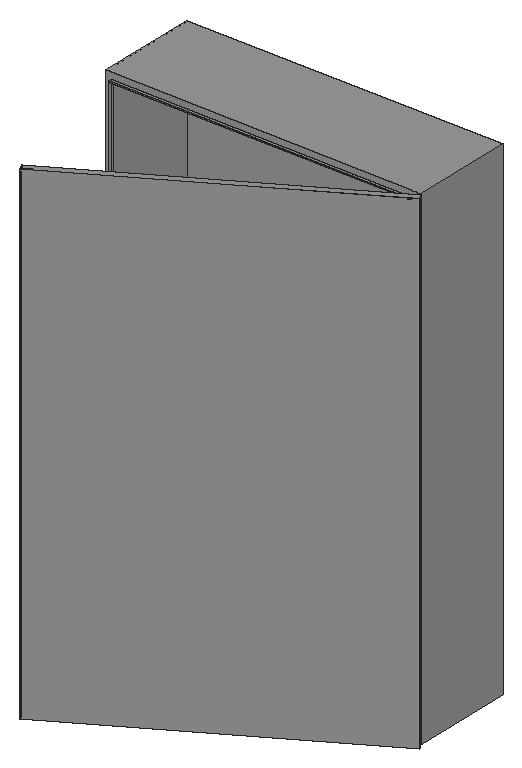
Revit family "Hager-Univers-IP55-D275-H1250-Cl.I-Steel_encl-NoHosted-SE-en", category Equipement électrique, Revit 2020
Family settings
  Configuration du panneau = Deux colonnes, circuits au sein
  Cote de connecteur circulaire = Utiliser le diamètre
  Type d'élément = Tableau de raccordement
  Basée sur le plan de construction = Oui
  Toujours verticalement = Oui
  Couper avec des vides une fois chargée = Non
  Partagée = Non
  Point de calcul de pièce = Non
Parameters (values of type "Surface mounted (plaster) IP55 W800 H1250 D275  - FR83E")
  Width Control [instance] = if([EF000008 - Width] > Min Width, [EF000008 - Width], Min Width)  # 800 mm
  Commentaires du type = [HG000003 - Range]  # "Univers"
  Thickness Door [instance] = if([EF009171 - Material plate thickness door/cover] > 3 mm, 3 mm, [EF009171 - Material plate thickness door/cover])  # 1.5 mm
  Seal Frame Offset [instance] = 17 mm  # constant formula
  Plinth Visibility [instance] = [HG000027 - Plinth height] > 0 mm  # no
  Min Width [instance] = 100 mm  # constant formula
  Min Depth [instance] = (2 * [EF009170 - Material plate thickness cabinet]) + 1 mm  # 4 mm
  Min Height [instance] = 100 mm  # constant formula
  Internal Frame Depth [instance] = (Door System Depth * 0.5)  # 9 mm
  Panel Name [instance] = ""  # (empty or 0)
  Model = ""
  HG000027 - Plinth height = 0 mm
  HG000026 - Floor standing = no
  HG000024 - Bottom section height = 600 mm
  HG000023 - Double section enclosure = no
  HG000016 - Door 3d visibility [instance] = yes
  HG000015 - Clearance visibility [instance] = no
  HG000014 - Door on the right [instance] = yes
  HG000013 - Door on the left [instance] = not([HG000014 - Door on the right])  # no
  HG000012 - Door swing angle [instance] = 30.00°
  HG000010 - Asymmetric doors = no
  HG000009 - Double swing door = no
  HG000006 - Flush mounted = no
  HG000004 - Manufacturer reference = "FR83E"
  HG000003 - Range = "Univers"
  HG000002 - With door or cover = yes
  Frame Offset Bottom [instance] = 10 mm  # constant formula
  Frame Offset [instance] = 15 mm  # constant formula
  EF015940 - Cover with overpressure release = no
  EF011959 - Degree of protection (NEMA) = ""
  EF009554 - Number of openings for flange plates = 6
  EF009212 - Cover model = "EV000116 - Closed"
  EF009171 - Material plate thickness door/cover = 1.5 mm
  EF009170 - Material plate thickness cabinet = 1.5 mm
  EF008873 - Nominal current (In) = 800 A
  EF007800 - Suitable for lightning protection = no
  EF006306 - With lock = no
  EF006244 - Transparent cover/door = no
  EF005474 - Degree of protection (IP) = "EV006420 - IP55"
  EF004464 - Type of door = "EV002646 - Single"
  EF004427 - Number of modules = 288
  EF004293 - Impact strength = "EV008784 - IK10"
  EF003532 - Suitable for outdoor use = no
  EF002950 - Width in number of modular spacings = 24
  EF001613 - Circuit integrity = "EV000494 - None"
  EF001596 - Material housing = "EV000179 - Steel"
  EF001131 - Internal depth = 275 mm
  EF001088 - Extension possible = yes
  EF000437 - Number of conduit inlets = 6
  EF000339 - Type of cover = "EV004216 - Door"
  EF000266 - Number of rows = 8
  EF000218 - Built-in depth = 0 mm
  EF000118 - With mounting plate = no
  EF000116 - RAL-number = "7035"
  EF000049 - Depth = 275 mm
  EF000040 - Height = 1250 mm
  EF000008 - Width = 800 mm
  EF000007 - Colour = "EV000270 - Grey"
  EF000003 - Mounting method = "EV000384 - Surface mounted (plaster)"
  Door System Leaf Tolerance [instance] = 1.5 mm  # constant formula
  Door System Depth [instance] = 18 mm  # constant formula
  Door Height [instance] = Height Control - [HG000027 - Plinth height]  # 1250 mm
  Description = ""
  Default Elevation = 1219.2 mm
  Connector Offset [instance] = Height Control / 2  # 625 mm
  Fabricant = "Hager"  # constant formula
  Height Control [instance] = if([EF000040 - Height] > Min Height, [EF000040 - Height], Min Height)  # 1250 mm
  Depth Control [instance] = if([EF000049 - Depth] > Min Depth, [EF000049 - Depth], Min Depth)  # 275 mm
  Bottom Top Plate Trim [instance] = 1.5 mm  # constant formula
  Plinth height Ctrl [instance] = if([HG000027 - Plinth height] > 0 mm, [HG000027 - Plinth height], 12 mm)  # 12 mm
Types (5, lengths in mm): name | Width Control | HG000010 - Asymmetric doors | HG000009 - Double swing door | HG000004 - Manufacturer reference | EF009554 - Number of openings for flange plates | EF004464 - Type of door | EF004427 - Number of modules | EF000437 - Number of conduit inlets | EF000008 - Width
  Surface mounted (plaster) IP55 W1050 H1250 D275  - FR84E | 1050 | no | yes | "FR84E" | 8 | "EV003602 - Double" | 384 | 8 | 1050
  Surface mounted (plaster) IP55 W1300 H1250 D275  - FR85E | 1300 | yes | yes | "FR85E" | 10 | "EV003602 - Double" | 480 | 10 | 1300
  Surface mounted (plaster) IP55 W300 H1250 D275  - FR81E | 300 | no | no | "FR81E" | 2 | "EV002646 - Single" | 96 | 2 | 300
  Surface mounted (plaster) IP55 W550 H1250 D275  - FR82E | 550 | no | no | "FR82E" | 4 | "EV002646 - Single" | 192 | 4 | 550
  Surface mounted (plaster) IP55 W800 H1250 D275  - FR83E | 800 | no | no | "FR83E" | 6 | "EV002646 - Single" | 288 | 6 | 800
Reference planes
  plane 1 "Center (Front/Back)": y = 0
  plane 2: z = 0
  plane 3 "Center (Left/Right)": x = 0
  plane 4: y = 0
  plane 5: y = 0
  plane 6: z = 0
  plane 7: x = -400
  plane 8: x = 400
  plane 9: x = 398.5
  plane 10: x = -398.5
  plane 11: z = 0
  plane 12: z = 1.5
  plane 13: y = -275
  plane 14: y = -1.5
  plane 15: x = 0
  plane 16: y = -257
  plane 17: y = -273.5
  plane 18: y = -255.5
  plane 19: x = -383.5
  plane 20: x = 383.5
  plane 21: z = 11.5
  plane 22: x = -383
  plane 23: x = 383
  plane 24: z = 0
  plane 25: z = 1250
  plane 26: z = 1250
  plane 27: z = 1233.5
  plane 28: z = 1248.5
Forms (mm)
  Extrusion 1, solid, material "Hager_Steel_RAL7035_Light_Grey", detail levels medium+fine
    sketch origin (-208.679, -4572, 0) x (-1, 0, 0) y (0, -1, 0)
      loop
        line (191.321, -4315) -> (-608.679, -4315) -> (-608.679, -4572) -> (191.321, -4572) -> (191.321, -4315)
    from 0 to 1250
  Extrusion 2, void
    sketch origin (-350.771, -275, 1219.2) x (1, 0, 0) y (0, 0, 1)
      loop
        line (-47.729, 29.3) -> (-47.729, -1217.7) -> (749.271, -1217.7) -> (749.271, 29.3) -> (-47.729, 29.3)
    from -19.5 to -273.5
  Extrusion 3, void
    sketch origin (-290.084, -257, 1219.2) x (1, 0, 0) y (0, 0, 1)
      loop
        line (-93.416, -1207.7) -> (673.584, -1207.7) -> (673.584, 14.3) -> (-93.416, 14.3) -> (-93.416, -1207.7)
    from 0 to -1.5
  Extrusion 4, solid, material "Hager_Steel_RAL7035_Light_Grey", visible <- "Plinth Visibility", detail levels medium+fine
    sketch origin (0, 0, 0) x (1, 0, 0) y (0, 1, 0)
      loop
        line (-400, 0) -> (-400, -257) -> (400, -257) -> (400, 0) -> (-400, 0)
    from 0 to 12 <- "Plinth height Ctrl"
  Extrusion 5, solid, material "Hager_Steel_RAL7035_Light_Grey", detail levels coarse
    sketch origin (0, 0, 0) x (1, 0, 0) y (0, 1, 0)
      loop
        line (-400, 0) -> (-400, -275) -> (400, -275) -> (400, 0) -> (-400, 0)
    from 0 to 1250 <- "Height Control"
  Sweep 6, void
    path in 3D
      loop
        line (-400, -257, 12) -> (400, -257, 12) -> (400, 0, 12) -> (-400, 0, 12) -> (-400, -257, 12)
    profile origin (-400, -128.5, 12) x (1, 0, 0) y (0, 0, 1)
      loop
        line (0, 0) -> (0, -1.5) -> (1.5, -1.5)
        arc (1.5, -1.5) -> (1.061, -0.439) -> (0, 0) r 1.5
  Extrusion 7, solid, material "Hager_Steel_RAL7035_Light_Grey", detail levels fine
    sketch origin (-400, -257, 0) x (1, 0, 0) y (0, 0, 1)
      loop
        line (16.5, 11.5) -> (783.5, 11.5) -> (783.5, 1233.5) -> (16.5, 1233.5) -> (16.5, 11.5)
      loop
        line (15, 10) -> (785, 10) -> (785, 1235) -> (15, 1235) -> (15, 10)
    from 0 to 9 <- "Internal Frame Depth"
Cuts and joins
  Extrusion 2, Extrusion 3 cuts Extrusion 1
  Sweep 6 cuts Extrusion 4
Lines and regions (mm)
  Masking region 1
    outline origin (0, 0, 0) x (1, 0, 0) y (0, 1, 0)
      loop
        line (-400, 0) -> (-400, -275) -> (400, -275) -> (400, 0) -> (-400, 0)
  Masking region 2, detail levels coarse
    outline origin (-290.084, -257, 1219.2) x (-1, 0, 0) y (0, 0, 1)
      loop
        line (-690.084, -1219.2) -> (109.916, -1219.2) -> (109.916, 30.8) -> (-690.084, 30.8) -> (-690.084, -1219.2)
  Masking region 3, detail levels coarse
    outline origin (0, 0, 0) x (0, 1, 0) y (0, 0, 1)
      loop
        line (0, 0) -> (0, 1250) -> (-275, 1250) -> (-275, 0) -> (0, 0)
  Masking region 4, visible <- "Plinth Visibility", detail levels medium+fine
    outline origin (0, 0, 0) x (0, 1, 0) y (0, 0, 1)
      loop
        line (-1.5, 12) -> (-255.5, 12)
        arc (-255.5, 12) -> (-255.939, 10.939) -> (-257, 10.5) r 1.5
        line (-257, 10.5) -> (-257, 0) -> (0, 0) -> (0, 10.5)
        arc (0, 10.5) -> (-1.061, 10.939) -> (-1.5, 12) r 1.5
  Masking region 5, detail levels medium+fine
    outline origin (0, 0, 594.038) x (0, 1, 0) y (0, 0, 1)
      loop
        line (0, -594.038) -> (0, 655.962) -> (-257, 655.962) -> (-257, -594.038) -> (0, -594.038)
  Masking region 6, detail levels medium+fine
    outline origin (-359.7, -257, 1211.883) x (-1, 0, 0) y (0, 0, 1)
      loop
        line (-759.7, -1211.883) -> (40.3, -1211.883) -> (40.3, 38.117) -> (-759.7, 38.117) -> (-759.7, -1211.883)
  Masking region 7, visible <- "Plinth Visibility", detail levels medium+fine
    outline origin (-320.334, -257, 1041.368) x (-1, 0, 0) y (0, 0, 1)
      loop
        line (-720.334, -1041.368) -> (79.666, -1041.368) -> (79.666, -1030.868)
        arc (79.666, -1030.868) -> (78.606, -1030.429) -> (78.166, -1029.368) r 1.5
        line (78.166, -1029.368) -> (-718.834, -1029.368)
        arc (-718.834, -1029.368) -> (-719.273, -1030.429) -> (-720.334, -1030.868) r 1.5
        line (-720.334, -1030.868) -> (-720.334, -1041.368)
  sketch lines
    curve 1: line (-400, 0, 12) -> (-400, -257, 12)
    curve 2: line (-400, -257, 12) -> (400, -257, 12)
    curve 3: line (400, 0, 12) -> (-400, 0, 12)
    curve 4: line (400, -257, 12) -> (400, 0, 12)
Dimensions and locks
  locked: plane 1 "Center (Front/Back)" to plane 5
  "EF009170 - Material plate thickness cabinet": plane 7 to plane 10
  "EF009170 - Material plate thickness cabinet": plane 8 to plane 9
  equal spacing: plane 7, plane 3 "Center (Left/Right)", plane 8
  "Width Control": plane 7 to plane 8
  "Depth Control": plane 4 to plane 13
  "EF009170 - Material plate thickness cabinet": plane 4 to plane 14
  "Height Control": plane 25 to level
  "HG000027 - Plinth height": plane 11 to level
  "EF009170 - Material plate thickness cabinet": plane 12 to plane 11
  "EF009170 - Material plate thickness cabinet": plane 17 to plane 13
  "EF009170 - Material plate thickness cabinet": plane 18 to plane 16
  "Frame Offset Bottom": plane 21 to plane 12
  "Frame Offset": plane 10 to plane 19
  "Frame Offset": plane 9 to plane 20
  "Door System Depth": plane 16 to plane 13
  "Seal Frame Offset": plane 7 to plane 22
  "Seal Frame Offset": plane 8 to plane 23
  "EF009170 - Material plate thickness cabinet": plane 26 to plane 28
  "Frame Offset": plane 28 to plane 27
  "Connector Offset": plane 2 to connector elem
  "Bottom Top Plate Trim": profile plane to Sweep 6 sketch curve
  "Bottom Top Plate Trim": Sweep 6 sketch curve to Sweep 6 sketch curve
  "Plinth height Ctrl": Masking region 4 sketch curve to level
  "Plinth height Ctrl": Masking region 7 sketch curve to level
  "Thickness Door": Extrusion 7 sketch curve to Extrusion 7 sketch curve  (x4)
  "Bottom Top Plate Trim": radius of Sweep 6 sketch curve
  "Bottom Top Plate Trim": radius of Masking region 4 sketch curve  (x2)
  "Bottom Top Plate Trim": radius of Masking region 7 sketch curve  (x2)
  aligned and locked: Extrusion 2 sketch curve to plane 12
  aligned and locked: Extrusion 2 sketch curve to plane 9
  aligned and locked: Extrusion 2 sketch curve to plane 10
  aligned and locked: Extrusion 2 to plane 14
  aligned and locked: Extrusion 1 sketch curve to plane 4
  aligned and locked: plane 8 to Extrusion 1 sketch curve
  aligned and locked: plane 7 to Extrusion 1 sketch curve
  aligned and locked: Extrusion 2 to plane 18
  aligned and locked: Extrusion 3 sketch curve to plane 19
  aligned and locked: plane 20 to Extrusion 3 sketch curve
  aligned and locked: Extrusion 3 to Extrusion 2
  aligned and locked: Extrusion 3 sketch curve to plane 21
  aligned and locked: plane 3 "Center (Left/Right)" to nested 1
  aligned and locked: Extrusion 1 sketch curve to plane 16
  aligned and locked: Extrusion 4 sketch curve to cut or joined group of Extrusion 1, Extrusion 2, Extrusion 3
  aligned and locked: Masking region 1 sketch curve to plane 7
  aligned and locked: Masking region 1 sketch curve to plane 5
  aligned and locked: Masking region 1 sketch curve to plane 8
  aligned and locked: Masking region 2 sketch curve to level
  aligned and locked: level to Masking region 3 sketch curve
  aligned and locked: plane 1 "Center (Front/Back)" to Masking region 3 sketch curve
  aligned and locked: plane 13 to Masking region 3 sketch curve
  aligned and locked: plane 5 to Masking region 4 sketch curve
  aligned and locked: Masking region 2 sketch curve to plane 8
  aligned and locked: Masking region 2 sketch curve to plane 7
  aligned and locked: plane 7 to nested 2
  aligned and locked: nested 2 to plane 5
  aligned and locked: plane 5 to Masking region 5 sketch curve
  aligned and locked: plane 26 to Masking region 5 sketch curve
  aligned and locked: Extrusion 5 sketch curve to plane 8
  aligned and locked: Extrusion 5 sketch curve to plane 7
  aligned and locked: Extrusion 5 sketch curve to plane 5
  aligned and locked: Extrusion 3 sketch curve to plane 27
  aligned and locked: Extrusion 2 sketch curve to plane 28
  aligned and locked: Masking region 2 to plane 25
  aligned and locked: Extrusion 4 to plane 16
  aligned and locked: profile plane to Sweep 6 sketch curve
  aligned and locked: Masking region 5 sketch curve to plane 24
  aligned and locked: level to Masking region 4 sketch curve
  aligned and locked: Masking region 1 to plane 13
  aligned and locked: nested 1 to plane 16
  aligned and locked: Masking region 3 to plane 25
  aligned and locked: plane 16 to Masking region 4 sketch curve
  aligned and locked: Masking region 5 sketch curve to plane 16
  aligned and locked: plane 24 to plane 11
  aligned and locked: plane 26 to plane 25
  aligned and locked: plane 26 to cut or joined group of Extrusion 1, Extrusion 2, Extrusion 3
  aligned and locked: nested 1 to plane 24
  aligned and locked: Extrusion 1 to Extrusion 3
  aligned and locked: Masking region 6 sketch curve to plane 8
  aligned and locked: Masking region 6 sketch curve to plane 24
  aligned and locked: Masking region 6 sketch curve to plane 7
  aligned and locked: Masking region 6 sketch curve to plane 26
  aligned and locked: Masking region 7 sketch curve to plane 7
  aligned and locked: level to Masking region 7 sketch curve
  aligned and locked: Masking region 7 sketch curve to plane 8
  aligned and locked: Extrusion 7 sketch curve to cut or joined group of Extrusion 1, Extrusion 2, Extrusion 3  (x4)
Automatic sketch dimensions
  plane 19 to Extrusion 3 sketch curve = 0 mm
  Extrusion 3 sketch curve to plane 20 = 0 mm
  Extrusion 3 sketch curve to plane 21 = 0 mm
  Extrusion 4 sketch curve to plane 7 = 0 mm
  Extrusion 4 sketch curve to plane 8 = 0 mm
  Extrusion 4 sketch curve to plane 16 = 0 mm
  Masking region 1 sketch curve to plane 13 = 0 mm
  Masking region 2 sketch curve to plane 25 = 0 mm
  Masking region 3 sketch curve to plane 25 = 0 mm
  Extrusion 5 sketch curve to plane 13 = 0 mm
  profile plane to Sweep 6 sketch curve = 0 mm
Nested families
  nested 1: "EC000058_Univers_Door" at (0, -257, 0), Double <- "HG000009 - Double swing door", Transparent <- "EF006244 - Transparent cover/door", Angle <- "HG000012 - Door swing angle", Door_Right <- "HG000014 - Door on the right", Assymetrical <- "HG000010 - Asymmetric doors", Door <- "HG000002 - With door or cover", Width_Ctrl <- "Width Control", 3d_Door <- "HG000016 - Door 3d visibility", Clearance <- "HG000015 - Clearance visibility", Door_Left <- "HG000013 - Door on the left", Width <- "Width Control", Door_Depth <- "Door System Depth", Leaf_Tolerance <- "Door System Leaf Tolerance", Height <- "Door Height", Lock_Visibility <- "EF006306 - With lock", Thickness <- "Thickness Door", type "EC000058_Univers_Door", detail levels medium+fine
    with min_wh 4 mm, Width_Ctrl 800 mm, Width 800 mm, Transparent no, Thickness 1.5 mm, Seal_Material Hager_Rubber, Lock_Visibility no, Lock_Material Hager_Plastic_RAL9005_Jet_Black, Leaf_Width 800 mm, Leaf_Tolerance_External_Sides 0 mm, Leaf_Tolerance 1.5 mm, Leaf_Offset 0 mm, Leaf_Height 1247 mm, Leaf_2_Width 800 mm, Leaf_2_Offset 400 mm, Leaf_1_Width 800 mm, Leaf_1_Offset 400 mm, Height_Ctrl 1250 mm, Height 1250 mm, Glass_Material Hager_Glass, Double_Clearance_Ctrl no, Double no, Door_Right_Ctrl yes, Door_Right yes, Door_Material Hager_Steel_RAL7035_Light_Grey, Door_Left_Ctrl no, Door_Left no, Door_Depth 18 mm, Door yes, Clearance_Material Hager_Clearance, Clearance_Depth 800 mm, Clearance_Ctrl no, Clearance no, Assymetrical no, Angle 30.00°, 3d_Door yes
  nested 2: "Hager_Enclosure_Symbol" at (-400, 0, 0), Height <- "Depth Control", Width <- "Width Control", type "Hager_Enclosure_Symbol"
    with Width_Ctrl 800 mm, Width 800 mm, Height_Ctrl 275 mm, Height 275 mm, A_Width_Int 18.047 mm, A_Width 216.562 mm, A_Height_Ctrl 240.625 mm, A_Height 240.625 mm
Connectors
  electrical at (0, 0, 625)
    settings: on plane 1 "Center (Front/Back)", index 1, voltage 0 V, apparent load 0 VA, apparent load phase1 0 VA, apparent load phase2 0 VA, apparent load phase3 0 VA, power factor 1, load classification "Other", number of poles 1, system type 30, power factor state 1, is connector primary yes, connector utility no, sub classification motor no, connector description ""
Definition of nested family "EC000058_Univers_Door"
  Parameters (values of type "EC000058_Univers_Door")
    min_wh [instance] = (2 * Thickness) + 1 mm  # 11 mm
    Width_Ctrl [instance] = 400 mm
    Width [instance] = 500 mm
    Transparent [instance] = yes
    Thickness [instance] = 5 mm
    Seal_Material [instance] = none
    Lock_Visibility [instance] = yes
    Lock_Material [instance] = none
    Leaf_Width [instance] = if((Width_Ctrl - 2 * Leaf_Tolerance_External_Sides) > 0 mm, (Width_Ctrl - 2 * Leaf_Tolerance_External_Sides), min_wh)  # 400 mm
    Leaf_Tolerance_External_Sides [instance] = 0 mm  # constant formula
    Leaf_Tolerance [instance] = 1.5 mm
    Leaf_Offset [instance] = 0 mm  # constant formula
    Leaf_Height [instance] = if((Height_Ctrl - 2 * Leaf_Tolerance) > 0 mm, (Height_Ctrl - 2 * Leaf_Tolerance), min_wh)  # 497 mm
    Leaf_2_Width [instance] = if(and(and(Double, Assymetrical), Door_Left), (Leaf_Width / 3) - (Leaf_Tolerance / 2), if(and(and(Double, Assymetrical), Door_Right), (Leaf_Width / 3) * 2 - (Leaf_Tolerance / 2), if(and(Double, not(Assymetrical)), (Leaf_Width / 2) - Leaf_Tolerance, Leaf_Width)))  # 400 mm
    Leaf_2_Offset [instance] = if(and(Double, Assymetrical), Leaf_2_Width / 2, if(and(Double, not(Assymetrical)), Leaf_Width / 4, Leaf_Width / 2))  # 200 mm
    Leaf_1_Width [instance] = if(and(and(Double, Assymetrical), Door_Right), (Leaf_Width / 3) - (Leaf_Tolerance / 2), if(and(and(Double, Assymetrical), Door_Left), (Width / 3) * 2 - (Leaf_Tolerance / 2), if(and(Double, not(Assymetrical)), (Leaf_Width / 2) - Leaf_Tolerance, Leaf_Width)))  # 400 mm
    Leaf_1_Offset [instance] = if(and(Double, Assymetrical), Leaf_1_Width / 2, if(and(Double, not(Assymetrical)), Leaf_Width / 4, Leaf_Width / 2))  # 200 mm
    Height_Ctrl [instance] = if(Height > min_wh, Height, min_wh)  # 500 mm
    Height [instance] = 500 mm
    Glass_Material [instance] = none
    Double_Clearance_Ctrl [instance] = and(Double, Clearance)  # no
    Double [instance] = no
    Door_Right_Ctrl [instance] = and(or(Door_Right, Double), Door)  # yes
    Door_Right [instance] = yes
    Door_Material [instance] = none
    Door_Left_Ctrl [instance] = and(or(Door_Left, Double), Door)  # no
    Door_Left [instance] = no
    Door_Depth [instance] = 30 mm
    Door [instance] = yes
    Default Elevation = 1219.2 mm
    Clearance_Material [instance] = none
    Clearance_Depth [instance] = if(Leaf_1_Width > Leaf_2_Width, Leaf_1_Width, Leaf_2_Width)  # 400 mm
    Clearance_Ctrl [instance] = and(not(Double), Clearance)  # yes
    Clearance [instance] = yes
    Assymetrical [instance] = yes
    Angle [instance] = 30.00°
    3d_Door [instance] = yes
  Reference planes
    plane 1 "Center (Front/Back)": y = 0
    plane 2 "Bottom": z = 0
    plane 3 "Center (Left/Right)": x = 0
    plane 4: z = 500
    plane 5: x = -200
    plane 6: x = 200
    plane 7: z = 500
    plane 8: x = -200
    plane 9: z = 0
    plane 10: x = 200
    plane 11: y = 0
    plane 12: z = 1.5
    plane 13: x = -600
    plane 14: y = -400
    plane 15: x = 600
    plane 16: x = 0
    plane 17: x = 0
    plane 18: x = -200
    plane 19: x = 200
    plane 20: z = 498.5
  Forms (mm)
    Extrusion 1, solid, material <- "Clearance_Material", visible <- "Double_Clearance_Ctrl"
      sketch origin (1200, 0, 0) x (1, 0, 0) y (0, 0, -1)
        loop
          line (-1800, -498.5) -> (-600, -498.5) -> (-600, 0) -> (-1800, 0) -> (-1800, -498.5)
      from 0 to -400
  Dimensions and locks
    equal spacing: plane 5, plane 3 "Center (Left/Right)", plane 6
    "Width_Ctrl": plane 5 to plane 6
    "Leaf_Offset": plane 5 to plane 8
    "Leaf_Offset": plane 6 to plane 10
    "Leaf_Offset": plane 9 to level
    "Leaf_Offset": plane 4 to plane 7
    "Height_Ctrl": plane 4 to level
    "Leaf_Tolerance": plane 12 to plane 9
    locked: plane 11 to plane 1 "Center (Front/Back)"
    "Leaf_1_Offset": plane 18 to plane 16
    "Leaf_2_Offset": plane 17 to plane 19
    "Leaf_1_Width": plane 13 to plane 8
    "Leaf_2_Width": plane 10 to plane 15
    "Clearance_Depth": plane 14 to plane 1 "Center (Front/Back)"
    "Leaf_Tolerance_External_Sides": plane 8 to plane 18
    "Leaf_Tolerance_External_Sides": plane 19 to plane 10
    "Leaf_Tolerance": plane 7 to plane 20
    aligned and locked: level to plane 2 "Bottom"
    aligned and locked: nested 1 to plane 16
    aligned and locked: nested 2 to plane 17
    aligned and locked: Extrusion 1 to plane 13
    aligned and locked: plane 15 to Extrusion 1
    aligned and locked: Extrusion 1 to plane 14
    aligned and locked: plane 12 to nested 1
    aligned and locked: nested 2 to plane 12
    aligned and locked: Extrusion 1 to plane 11
    aligned and locked: plane 20 to Extrusion 1
    aligned and locked: nested 2 to plane 11
    aligned and locked: nested 1 to plane 11
  Automatic sketch dimensions
    Extrusion 1 sketch curve to level = 0 mm
    plane 5 to Extrusion 1 sketch curve = 400 mm
    plane 6 to Extrusion 1 sketch curve = 400 mm
    Extrusion 1 sketch curve to plane 4 = 1.5 mm
  Nested families
    nested 1: "EC000058_Univers_Door_Leaf" at (0, 0, 1.5), Width <- "Leaf_1_Width", visible <- "Door_Left_Ctrl", Leaf_Height <- "Leaf_Height", Angle <- "Angle", 3d_Door <- "3d_Door", Transparent <- "Transparent", Clearance Material <- "Clearance_Material", Clearance <- "Clearance_Ctrl", Door_Material <- "Door_Material", Glass_Material <- "Glass_Material", Door_Depth <- "Door_Depth", Lock_Material <- "Lock_Material", Seal_Material <- "Seal_Material", Lock_Visibility <- "Lock_Visibility", Thickness <- "Thickness", type "EC000058_Univers_Door_Leaf"
      with Width 400 mm, Transparent_Glass_Offset 30 mm, Transparent_Ctrl yes, Transparent yes, Thickness 5 mm, Standard no, Seal_Material none, Seal_D2 8 mm, Seal_D1 1 mm, Offset_Internal_Frame 10 mm, Lock_Width 20 mm, Lock_Visibility_3d yes, Lock_Visibility yes, Lock_Thickness_3 3 mm, Lock_Thickness_2 1 mm, Lock_Thickness_1 3 mm, Lock_Radius_Offset_2 16 mm, Lock_Radius_Offset_1 15 mm, Lock_Radius_2 5 mm, Lock_Radius 6 mm, Lock_Offset 5 mm, Lock_Material none, Lock_Height 80 mm, Lock_Cover_Top_Offset_2d 17 mm, Lock_Cover_Height -65 mm, Leaf_Height 497 mm, Internal_Seal_Thickness 8 mm, Internal_Seal_Depth_2 4.5 mm, Internal_Frame_Depth 25 mm, Glass_Thickness -1 mm, Glass_Offset -2 mm, Glass_Material none, Door_Material none, Door_Depth 30 mm, Clearance Material none, Clearance yes, Angle_Ctrl 30.00°, Angle 30.00°, 3d_Door yes
    nested 2: "EC000058_Univers_Door_Leaf" at (0, 0, 1.5) x (-1, 0, 0) z (0, 0, 1), Width <- "Leaf_2_Width", visible <- "Door_Right_Ctrl", Leaf_Height <- "Leaf_Height", Angle <- "Angle", 3d_Door <- "3d_Door", Transparent <- "Transparent", Clearance Material <- "Clearance_Material", Clearance <- "Clearance_Ctrl", Door_Material <- "Door_Material", Glass_Material <- "Glass_Material", Door_Depth <- "Door_Depth", Lock_Material <- "Lock_Material", Seal_Material <- "Seal_Material", Lock_Visibility <- "Lock_Visibility", Thickness <- "Thickness", type "EC000058_Univers_Door_Leaf"
      with Width 400 mm, Transparent_Glass_Offset 30 mm, Transparent_Ctrl yes, Transparent yes, Thickness 5 mm, Standard no, Seal_Material none, Seal_D2 8 mm, Seal_D1 1 mm, Offset_Internal_Frame 10 mm, Lock_Width 20 mm, Lock_Visibility_3d yes, Lock_Visibility yes, Lock_Thickness_3 3 mm, Lock_Thickness_2 1 mm, Lock_Thickness_1 3 mm, Lock_Radius_Offset_2 16 mm, Lock_Radius_Offset_1 15 mm, Lock_Radius_2 5 mm, Lock_Radius 6 mm, Lock_Offset 5 mm, Lock_Material none, Lock_Height 80 mm, Lock_Cover_Top_Offset_2d 17 mm, Lock_Cover_Height -65 mm, Leaf_Height 497 mm, Internal_Seal_Thickness 8 mm, Internal_Seal_Depth_2 4.5 mm, Internal_Frame_Depth 25 mm, Glass_Thickness -1 mm, Glass_Offset -2 mm, Glass_Material none, Door_Material none, Door_Depth 30 mm, Clearance Material none, Clearance yes, Angle_Ctrl 30.00°, Angle 30.00°, 3d_Door yes
  Definition of nested family "EC000058_Univers_Door_Leaf"
    Parameters (values of type "EC000058_Univers_Door_Leaf")
      Width [instance] = 2000 mm
      Transparent_Glass_Offset [instance] = 30 mm
      Transparent_Ctrl [instance] = and(Transparent, [3d_Door])  # yes
      Transparent [instance] = yes
      Thickness [instance] = 5 mm
      Standard [instance] = and(not(Transparent), [3d_Door])  # no
      Seal_Material [instance] = none
      Seal_D2 [instance] = 8 mm  # constant formula
      Seal_D1 [instance] = 1 mm  # constant formula
      Offset_Internal_Frame [instance] = 10 mm  # constant formula
      Lock_Width [instance] = 20 mm  # constant formula
      Lock_Visibility_3d [instance] = and(Lock_Visibility, [3d_Door])  # yes
      Lock_Visibility [instance] = yes
      Lock_Thickness_3 [instance] = 3 mm  # constant formula
      Lock_Thickness_2 [instance] = 1 mm  # constant formula
      Lock_Thickness_1 [instance] = 3 mm  # constant formula
      Lock_Radius_Offset_2 [instance] = Lock_Radius_Offset_1 + 1 mm  # 16 mm
      Lock_Radius_Offset_1 [instance] = 15 mm  # constant formula
      Lock_Radius_2 [instance] = Lock_Radius - 1 mm  # 5 mm
      Lock_Radius [instance] = 6 mm  # constant formula
      Lock_Offset [instance] = 5 mm  # constant formula
      Lock_Material [instance] = none
      Lock_Height [instance] = 80 mm  # constant formula
      Lock_Cover_Top_Offset_2d [instance] = Lock_Radius_Offset_2 + 1 mm  # 17 mm
      Lock_Cover_Height [instance] = -(Lock_Height - Lock_Radius_Offset_1)  # -65 mm
      Leaf_Height [instance] = 2720.336 mm
      Internal_Seal_Thickness [instance] = 8 mm  # constant formula
      Internal_Seal_Depth_2 [instance] = 4.5 mm  # constant formula
      Internal_Frame_Depth [instance] = if(Door_Depth - Thickness > 5 mm, Door_Depth - Thickness, 5 mm)  # 25 mm
      Glass_Thickness [instance] = if(Thickness > 15 mm, Glass_Offset + 10 mm, -1 mm)  # -1 mm
      Glass_Offset [instance] = if(Thickness > 15 mm, -(Thickness + 10 mm) / 2, -2 mm)  # -2 mm
      Glass_Material [instance] = none
      Door_Material [instance] = none
      Door_Depth [instance] = 30 mm
      Default Elevation = 0 mm
      Clearance Material [instance] = none
      Clearance [instance] = yes
      Angle_Ctrl [instance] = if(Angle > 180.00°, 180.00°, Angle)  # 90.00°
      Angle [instance] = 90.00°
      3d_Door [instance] = yes
    Reference planes
      plane 1 "Center (Front/Back)": y = 0
      plane 2: z = 0
      plane 3 "Center (Left/Right)": x = 0
      plane 4: y = 2000
      plane 5: x = -1000
      plane 6: x = 1000
      plane 7: x = -3000
      plane 8: z = 2720.336
      plane 9: z = 30
      plane 10: z = 2690.336
      plane 11: x = 970
      plane 12: x = -970
      plane 13: y = -3
      plane 14: z = 107.833
      plane 15: y = -5
      plane 16: y = -223.314
      plane 17: x = -1000
      plane 18: z = 1360.168
      plane 19: y = 30
    Forms (mm)
      Extrusion 1, solid, material <- "Clearance Material", visible <- "Clearance"
        sketch origin (0, 0, 0) x (1, 0, 0) y (0, 0, 1)
          loop
            line (-3000, 2720.336) -> (-3000, 0) -> (1000, 0) -> (1000, 2720.336) -> (-3000, 2720.336)
        from 0 to -2000
      Extrusion 2, solid, material <- "Door_Material", visible <- "Standard", detail levels medium+fine
        sketch origin (-1000, 0, 0) x (0, 1, 0) y (-1, 0, 0)
          loop
            line (0, 30) -> (0, 25) -> (2000, 25) -> (2000, 30) -> (0, 30)
        from 0 to 2720.336 <- "Leaf_Height"
      Extrusion 3, solid, material <- "Door_Material", visible <- "Transparent_Ctrl", detail levels medium+fine
        sketch origin (-1000, 0, 0) x (0, 1, 0) y (-1, 0, 0)
          loop
            line (0, 25) -> (2000, 25) -> (2000, 30) -> (0, 30) -> (0, 25)
        from 0 to 2720.336 <- "Leaf_Height"
      Extrusion 4, void
        sketch origin (-1025, 2000, 0) x (0, 1, 0) y (0, 0, -1)
          loop
            line (-30, -2690.336) -> (-30, -30) -> (-1970, -30) -> (-1970, -2690.336) -> (-30, -2690.336)
        from 0 to 5 <- "Thickness"
      Sweep 5, solid, material <- "Seal_Material", visible <- "Transparent_Ctrl", detail levels fine
        path in 3D
          loop
            line (-1025, 30, 30) -> (-1025, 30, 2690.336) -> (-1025, 1970, 2690.336) -> (-1025, 1970, 30) -> (-1025, 30, 30)
        profile origin (-1025, 1000, 30) x (1, 0, 0) y (0, 0, 1)
          loop
            line (0, 0) -> (0, -8) -> (1, -8) -> (1, 0) -> (0, 0)
      Extrusion 6, solid, material <- "Glass_Material", visible <- "Transparent_Ctrl", detail levels medium+fine
        sketch origin (-1030, 0, 0) x (0, 1, 0) y (0, 0, -1)
          loop
            line (1970, -2690.336) -> (1970, -30) -> (30, -30) -> (30, -2690.336) -> (1970, -2690.336)
        from -2 <- "Glass_Offset" to -1 <- "Glass_Thickness"
      Extrusion 7, solid, material <- "Door_Material", visible <- "3d_Door", detail levels medium+fine
        sketch origin (-1025, 2000, 0) x (0, -1, 0) y (0, 0, -1)
          loop
            line (0, -2720.336) -> (2000, -2720.336) -> (2000, 0) -> (0, 0) -> (0, -2720.336)
          loop
            line (1995, -5) -> (5, -5) -> (5, -2715.336) -> (1995, -2715.336) -> (1995, -5)
        from 0 to 25 <- "Internal_Frame_Depth"
      Sweep 8, solid, material <- "Seal_Material", visible <- "Transparent_Ctrl", detail levels fine
        path in 3D
          loop
            line (-1025, 0, 0) -> (-1025, 2000, 0) -> (-1025, 2000, 2720.336) -> (-1025, 0, 2720.336) -> (-1025, 0, 0)
        profile origin (-1025, 0, 1360.168) x (1, 0, 0) y (0, 1, 0)
          loop
            line (0, 10) -> (2.975, 10)
            arc (2.975, 10) -> (4.053, 10.447) -> (4.5, 11.525) r 1.525
            line (4.5, 11.525) -> (4.5, 16.527)
            arc (4.5, 16.527) -> (4.069, 17.569) -> (3.027, 18) r 1.473
            line (3.027, 18) -> (0, 18) -> (0, 10)
      Extrusion 9, solid, material <- "Lock_Material", visible <- "Lock_Visibility_3d", detail levels fine
        sketch origin (-1030, 0, 0) x (0, 1, 0) y (0, 0, -1)
          loop
            arc (1993.5, -1400.168) -> (1994.561, -1399.729) -> (1995, -1398.668) r 1.5
            line (1995, -1398.668) -> (1995, -1320.168) -> (1975, -1320.168) -> (1975, -1398.668)
            arc (1975, -1398.668) -> (1975.439, -1399.729) -> (1976.5, -1400.168) r 1.5
            line (1976.5, -1400.168) -> (1993.5, -1400.168)
        from 3 <- "Lock_Thickness_1" to 0
      Blend 10, solid, material <- "Lock_Material", visible <- "Lock_Visibility_3d", detail levels fine
        base sketch origin (-1033, 0, 0) x (0, 1, 0) y (0, 0, -1)
          loop
            line (1975, -1320.168) -> (1975, -1398.668)
            arc (1975, -1398.668) -> (1975.439, -1399.729) -> (1976.5, -1400.168) r 1.5
            line (1976.5, -1400.168) -> (1993.5, -1400.168)
            arc (1993.5, -1400.168) -> (1994.561, -1399.729) -> (1995, -1398.668) r 1.5
            line (1995, -1398.668) -> (1995, -1320.168) -> (1975, -1320.168)
        top sketch origin (-1033, 0, 0) x (0, 1, 0) y (0, 0, -1)
          loop
            line (1976, -1320.168) -> (1976, -1398.668)
            arc (1976, -1398.668) -> (1976.146, -1399.022) -> (1976.5, -1399.168) r 0.5
            line (1976.5, -1399.168) -> (1993.5, -1399.168)
            arc (1993.5, -1399.168) -> (1993.854, -1399.022) -> (1994, -1398.668) r 0.5
            line (1994, -1398.668) -> (1994, -1320.168) -> (1976, -1320.168)
        from 0 to 1 <- "Lock_Thickness_2"
      Blend 11, solid, material <- "Lock_Material", visible <- "Lock_Visibility_3d", detail levels fine
        base sketch origin (-1034, 0, 0) x (0, 1, 0) y (0, 0, -1)
          loop
            line (1978, -1320.168) -> (1978, -1384.168)
            arc (1978, -1384.168) -> (1985, -1391.168) -> (1992, -1384.168) r 7
            line (1992, -1384.168) -> (1992, -1320.168) -> (1978, -1320.168)
        top sketch origin (-1034, 0, 0) x (0, 1, 0) y (0, 0, -1)
          loop
            line (1991, -1320.168) -> (1979, -1320.168) -> (1979, -1383.168)
            arc (1979, -1383.168) -> (1985, -1389.168) -> (1991, -1383.168) r 6
            line (1991, -1383.168) -> (1991, -1320.168)
        from 0 to 3 <- "Lock_Thickness_3"
      Extrusion 12, solid, material <- "Lock_Material", visible <- "Lock_Visibility_3d", detail levels fine
        sketch origin (-1030, 1975, 1320.168) x (1, 0, 0) y (0, -1, 0)
          loop
            line (-7, -19) -> (-7, -1) -> (0, -1) -> (0, 0) -> (-8, 0) -> (-8, -20) -> (0, -20) -> (0, -19) -> (-7, -19)
        from 0 to -65 <- "Lock_Cover_Height"
      Extrusion 13, void
        sketch origin (-1038, 1995, 1320.168) x (-1, 0, 0) y (0, 0, -1)
          loop
            line (-5, -65) -> (0, -65) -> (-5, -60) -> (-5, -65)
        from 0 to 20 <- "Lock_Width"
      Extrusion 14, void
        sketch origin (-1038, 1975, 1320.168) x (0, -1, 0) y (0, 0, -1)
          loop
            circle (-10, -15.995) r 6
          loop
            circle (-10, -15.995) r 5
        from 0 to 2
      Extrusion 15, solid, material <- "Lock_Material", visible <- "Lock_Visibility_3d", detail levels medium
        sketch origin (-1030, 0, 0) x (0, 1, 0) y (0, 0, -1)
          loop
            arc (1993.5, -1400.168) -> (1994.561, -1399.729) -> (1995, -1398.668) r 1.5
            line (1995, -1398.668) -> (1995, -1320.168) -> (1975, -1320.168) -> (1975, -1398.668)
            arc (1975, -1398.668) -> (1975.439, -1399.729) -> (1976.5, -1400.168) r 1.5
            line (1976.5, -1400.168) -> (1993.5, -1400.168)
        from 8 to 0
    Cuts and joins
      Extrusion 4 cuts Extrusion 3
      Extrusion 13, Extrusion 14 cuts Extrusion 9
      Extrusion 14 cuts Blend 11
      Extrusion 13, Extrusion 14 cuts Extrusion 12
      joined: Extrusion 9, Blend 10, Blend 11, Extrusion 12
      Extrusion 14 cuts Extrusion 15
    Lines and regions (mm)
      Masking region 1, visible <- "Lock_Visibility", detail levels fine
        outline origin (0, 0, 0) x (0, 1, 0) y (0, 0, 1)
          loop
            line (30, 1320.168) -> (33, 1320.168) -> (33, 1400.168) -> (30, 1400.168) -> (30, 1320.168)
      Masking region 2, visible <- "Lock_Visibility", detail levels fine
        outline origin (0, 3.143, 0) x (0, 1, 0) y (0, 0, 1)
          loop
            line (29.857, 1354.168) -> (30.857, 1354.168) -> (30.857, 1366.168) -> (29.857, 1366.168) -> (29.857, 1354.168)
      Masking region 3, detail levels medium+fine
        outline origin (0, 0, 0) x (0, 1, 0) y (0, 0, 1)
          loop
            line (0, 0) -> (30, 0) -> (30, 2720.336) -> (0, 2720.336) -> (0, 0)
      Masking region 4, detail levels medium+fine
        outline origin (0, 0, 0) x (1, 0, 0) y (0, 0, 1)
          loop
            line (-1000, 2720.336) -> (-1000, 0) -> (1000, 0) -> (1000, 2720.336) -> (-1000, 2720.336)
      Masking region 5, visible <- "Lock_Visibility", detail levels fine
        outline origin (-47.116, 0, 0) x (1, 0, 0) y (0, 0, 1)
          loop
            arc (1024.616, 1399.168) -> (1023.556, 1398.729) -> (1023.116, 1397.668) r 1.5
            line (1023.116, 1397.668) -> (1023.116, 1320.168) -> (1041.116, 1320.168) -> (1041.116, 1397.668)
            arc (1041.116, 1397.668) -> (1040.677, 1398.729) -> (1039.616, 1399.168) r 1.5
            line (1039.616, 1399.168) -> (1024.616, 1399.168)
      Masking region 6, visible <- "Lock_Visibility", detail levels medium+fine
        outline origin (-25, 0, 0) x (1, 0, 0) y (0, 0, 1)
          loop
            arc (1001.5, 1400.168) -> (1000.439, 1399.729) -> (1000, 1398.668) r 1.5
            line (1000, 1398.668) -> (1000, 1320.168) -> (1020, 1320.168) -> (1020, 1398.668)
            arc (1020, 1398.668) -> (1019.561, 1399.729) -> (1018.5, 1400.168) r 1.5
            line (1018.5, 1400.168) -> (1001.5, 1400.168)
      Masking region 7, visible <- "Lock_Visibility", detail levels fine
        outline origin (-73.735, 0, 0) x (1, 0, 0) y (0, 0, 1)
          loop
            line (1051.735, 1382.168) -> (1065.735, 1382.168) -> (1065.735, 1384.168)
            arc (1065.735, 1384.168) -> (1058.735, 1391.168) -> (1051.735, 1384.168) r 7
            line (1051.735, 1384.168) -> (1051.735, 1382.168)
      Masking region 8, visible <- "Lock_Visibility", detail levels fine
        outline origin (-73.735, 0, 0) x (1, 0, 0) y (0, 0, 1)
          loop
            line (1052.735, 1382.168) -> (1064.735, 1382.168) -> (1064.735, 1383.168)
            arc (1064.735, 1383.168) -> (1058.735, 1389.168) -> (1052.735, 1383.168) r 6
            line (1052.735, 1383.168) -> (1052.735, 1382.168)
      Masking region 9, visible <- "Lock_Visibility", detail levels fine
        outline origin (-25, 0, 0) x (1, 0, 0) y (0, 0, 1)
          loop
            line (1020, 1320.168) -> (1020, 1382.168) -> (1000, 1382.168) -> (1000, 1320.168) -> (1020, 1320.168)
      Masking region 10, detail levels medium+fine
        outline origin (0, 0, 0) x (1, 0, 0) y (0, 0, 1)
          loop
            circle (985, 1335.144) r 6
      Masking region 11, detail levels fine
        outline origin (0, 0, 0) x (1, 0, 0) y (0, 0, 1)
          loop
            circle (985, 1335.144) r 5
      Masking region 12, visible <- "Lock_Visibility", detail levels fine
        outline origin (0, 12.767, 0) x (0, 1, 0) y (0, 0, 1)
          loop
            line (20.233, 1320.168) -> (21.233, 1320.168) -> (21.233, 1399.168) -> (20.233, 1400.168) -> (20.233, 1320.168)
      Masking region 13, visible <- "Lock_Visibility", detail levels fine
        outline origin (0, 13.767, -10) x (0, 1, 0) y (0, 0, 1)
          loop
            line (20.233, 1330.168) -> (23.233, 1330.168) -> (23.233, 1399.168) -> (20.233, 1402.168) -> (20.233, 1330.168)
      Masking region 14, visible <- "Lock_Visibility", detail levels fine
        outline origin (0, 12.767, -10) x (0, 1, 0) y (0, 0, 1)
          loop
            line (20.233, 1330.168) -> (25.233, 1330.168) -> (25.233, 1399.305) -> (20.233, 1394.305) -> (20.233, 1330.168)
      Masking region 15, visible <- "Lock_Visibility", detail levels medium
        outline origin (0, 0, 0) x (0, 1, 0) y (0, 0, 1)
          loop
            line (30, 1320.168) -> (38, 1320.168) -> (38, 1400.168) -> (30, 1400.168) -> (30, 1320.168)
      Masking region 16, visible <- "Lock_Visibility", detail levels fine
        outline origin (-1000, 0, 0) x (0, 1, 0) y (-1, 0, 0)
          loop
            line (1975, 30) -> (1995, 30) -> (1995, 38) -> (1975, 38) -> (1975, 30)
          loop
            line (1979, 37) -> (1976, 37) -> (1976, 34) -> (1978, 34) -> (1979, 37)
          loop
            line (1994, 37) -> (1991, 37) -> (1992, 34) -> (1994, 34) -> (1994, 37)
      Masking region 17, visible <- "Lock_Visibility", detail levels medium
        outline origin (-1000, 0, 0) x (0, 1, 0) y (-1, 0, 0)
          loop
            line (1975, 30) -> (1995, 30) -> (1995, 38) -> (1975, 38) -> (1975, 30)
      symbolic lines
        curve 1: line (1000, 0, 0) -> (-3000, 0, 0)
        curve 2: arc (1000, 0, 0) -> (-1000, 2000, 0) -> (-3000, 0, 0) r 2000
        curve 4: line (-1030, 0, 0) -> (-1030, 2000, 0)
      reference lines
        curve 3: line (-1000, 0, 0) -> (-1000, 2000, 0)
      symbolic lines, detail levels medium+fine
        curve 5: line (-1030, 2000, 0) -> (-1025, 2000, 0)
        curve 7: line (-1025, 0, 0) -> (-1030, 0, 0)
        curve 8: line (-1025, 0, 0) -> (-1000, 0, 0)
        curve 9: line (-1000, 0, 0) -> (-1000, 2000, 0)
        curve 10: line (-1000, 2000, 0) -> (-1025, 2000, 0)
      symbolic lines, detail levels fine
        curve 6: line (-1025, 2000, 0) -> (-1025, 0, 0)
      sketch lines
        curve 11: line (-1025, 0, 2720.336) -> (-1025, 0, 0)
        curve 12: line (-1025, 2000, 0) -> (-1025, 0, 0)
        curve 13: line (-1025, 2000, 2720.336) -> (-1025, 2000, 0)
        curve 14: line (-1025, 0, 2720.336) -> (-1025, 2000, 2720.336)
        curve 15: line (-1025, 1970, 30) -> (-1025, 30, 30)
        curve 16: line (-1025, 30, 30) -> (-1025, 30, 2690.336)
        curve 17: line (-1025, 1970, 2690.336) -> (-1025, 1970, 30)
        curve 18: line (-1025, 30, 2690.336) -> (-1025, 1970, 2690.336)
      symbolic lines, visible <- "Transparent", detail levels medium+fine
        curve 19: line (-970, 0, 2690.336) -> (970, 0, 2690.336)
        curve 20: line (-970, 0, 30) -> (-970, 0, 2690.336)
        curve 21: line (970, 0, 30) -> (-970, 0, 30)
        curve 22: line (970, 0, 2690.336) -> (970, 0, 30)
    Dimensions and locks
      "Width": plane 1 "Center (Front/Back)" to plane 4
      equal spacing: plane 5, plane 3 "Center (Left/Right)", plane 6
      "Width": plane 5 to plane 6
      "Width": plane 7 to plane 5
      "Leaf_Height": plane 8 to level
      "Width": curve 5 to curve 3
      "Width": curve 3 to curve 3
      plane 8 to plane 10 = 30 mm
      plane 9 to level = 30 mm
      plane 12 to plane 5 = 30 mm
      plane 6 to plane 11 = 30 mm
      Extrusion 1 to Extrusion 4 sketch curve = 30 mm
      "Transparent_Glass_Offset": curve 3 to Extrusion 4 sketch curve
      "Transparent_Glass_Offset": Extrusion 4 sketch curve to cut or joined group of Extrusion 3, Extrusion 4  (x2)
      cut or joined group of Extrusion 3, Extrusion 4 to Extrusion 6 sketch curve = 30 mm
      "Transparent_Glass_Offset": cut or joined group of Extrusion 3, Extrusion 4 to Extrusion 4 sketch curve
      "Thickness": curve 6 to curve 4
      "Thickness": Extrusion 7 sketch curve to Extrusion 7 sketch curve  (x4)
      "Door_Depth": curve 4 to curve 3
      "Offset_Internal_Frame": profile plane to Sweep 8 sketch curve
      "Internal_Seal_Thickness": Sweep 8 sketch curve to Sweep 8 sketch curve
      "Internal_Seal_Depth_2": profile plane to Sweep 8 sketch curve
      "Seal_D1": profile plane to Sweep 5 sketch curve
      "Seal_D2": profile plane to Sweep 5 sketch curve
      "Thickness": Extrusion 2 sketch curve to Extrusion 2 sketch curve
      equal spacing: Extrusion 9 sketch curve, plane 18, Extrusion 9 sketch curve  (x2)
      equal spacing: Masking region 1 sketch curve, plane 18, Masking region 1 sketch curve
      "Lock_Height": Masking region 1 sketch curve to Masking region 1 sketch curve
      "Lock_Radius": Masking region 2 sketch curve to plane 18 to Masking region 2 sketch curve
      Masking region 2 sketch curve to Masking region 1 = 1 mm
      "Door_Depth": plane 19 to plane 1 "Center (Front/Back)"
      "Lock_Thickness_1": Masking region 1 sketch curve to plane 19
      "Lock_Width": Extrusion 9 sketch curve to Extrusion 9 sketch curve
      "Lock_Height": Extrusion 9 sketch curve to Extrusion 9 sketch curve
      "Lock_Offset": cut or joined group of Extrusion 3, Extrusion 4 to Extrusion 9 sketch curve
      equal spacing: plane 8, plane 18, level
      "Lock_Radius_Offset_1": Blend 11 sketch curve to Blend 10
      locked: Blend 10 to Blend 11 sketch curve at 2  (x2)
      locked: var sketch to Blend 11 sketch curve at 1  (x2)
      "Lock_Radius_Offset_2": Blend 11 sketch curve to Blend 10
      locked: Extrusion 12 sketch curve to Extrusion 12 sketch curve at 1  (x3)
      Masking region 6 sketch curve to Masking region 6 sketch curve = 80 mm
      "Lock_Height": Masking region 6 sketch curve to Masking region 6 sketch curve
      "Lock_Width": Masking region 6 sketch curve to Masking region 6 sketch curve
      locked: Masking region 6 to Masking region 5 sketch curve at 1  (x3)
      locked: Masking region 5 to Masking region 7 sketch curve at 2  (x2)
      "Lock_Radius_Offset_1": Masking region 5 to Masking region 7 sketch curve
      "Lock_Radius_Offset_2": Masking region 5 to Masking region 8 sketch curve
      locked: Masking region 7 to Masking region 8 sketch curve at 1  (x2)
      "Lock_Cover_Top_Offset_2d": Masking region 5 to Masking region 9 sketch curve
      equal spacing: Masking region 9, Masking region 10 sketch curve, Masking region 9
      equal spacing: Masking region 9, Masking region 11 sketch curve, Masking region 9
      Extrusion 15 sketch curve to Extrusion 15 sketch curve = 80 mm
      "Lock_Width": Extrusion 15 sketch curve to Extrusion 15 sketch curve
      "Lock_Height": Extrusion 15 sketch curve to Extrusion 15 sketch curve
      equal spacing: Extrusion 15 sketch curve, plane 18, Extrusion 15 sketch curve
      "Lock_Thickness_3": Masking region 13 sketch curve to Masking region 13 sketch curve
      "Lock_Height": Masking region 12 sketch curve to Masking region 12 sketch curve
      locked: Masking region 13 sketch curve to Masking region 1 at 8
      locked: Masking region 14 sketch curve to Masking region 13 at 1
      locked: Masking region 14 sketch curve to Masking region 1 at 10.863
      "Lock_Height": Masking region 15 sketch curve to Masking region 15 sketch curve
      "Lock_Offset": Extrusion 15 sketch curve to cut or joined group of Extrusion 3, Extrusion 4
      "Lock_Offset": plane 6 to Masking region 6 sketch curve
      radius of Sweep 8 sketch curve = 1.525 mm
      radius of Sweep 8 sketch curve = 1.473 mm
      radius of Extrusion 9 sketch curve = 1.5 mm  (x2)
      "Lock_Radius": radius of Extrusion 14 sketch curve
      "Lock_Radius_2": radius of Extrusion 14 sketch curve
      "Lock_Radius": radius of Masking region 10 sketch curve
      "Lock_Radius_2": radius of Masking region 11 sketch curve
      radius of Extrusion 15 sketch curve = 1.5 mm  (x2)
      "Angle_Ctrl": angle plane 1 "Center (Front/Back)" to curve 3
      locked: Masking region 12 sketch curve to Masking region 12 sketch curve (angle 45.00°)
      locked: Masking region 13 sketch curve to Masking region 13 sketch curve (angle 45.00°)
      locked: Masking region 14 sketch curve to Masking region 14 sketch curve (angle 45.00°)
      aligned and locked: level to plane 2
      aligned and locked: Extrusion 1 to curve 1
      aligned and locked: plane 6 to Extrusion 1
      aligned and locked: Extrusion 1 to plane 1 "Center (Front/Back)"
      aligned and locked: plane 4 to Extrusion 1
      aligned and locked: plane 8 to Extrusion 1
      aligned and locked: curve 7 to Extrusion 2 sketch curve
      aligned and locked: curve 5 to Extrusion 2 sketch curve
      aligned and locked: curve 7 to Extrusion 3 sketch curve
      aligned and locked: Extrusion 3 sketch curve to curve 4
      aligned and locked: Extrusion 3 sketch curve to curve 6
      aligned and locked: Extrusion 3 sketch curve to curve 5
      aligned and locked: curve 9 to curve 3
      aligned and locked: Extrusion 7 sketch curve to cut or joined group of Extrusion 3, Extrusion 4  (x4)
      aligned and locked: plane 17 to curve 3
      aligned and locked: plane 1 "Center (Front/Back)" to curve 3
      aligned and locked: plane 17 to plane 5
      aligned and locked: Sweep 8 sketch curve to profile plane
      aligned and locked: Sweep 5 sketch curve to profile plane  (x2)
      aligned and locked: Masking region 1 to Masking region 2 sketch curve
      aligned and locked: plane 19 to Masking region 1 sketch curve
      aligned and locked: plane 1 "Center (Front/Back)" to Masking region 3 sketch curve
      aligned and locked: plane 19 to Masking region 3 sketch curve
      aligned and locked: level to Masking region 3 sketch curve
      aligned and locked: Masking region 3 sketch curve to plane 8
      aligned and locked: plane 17 to Masking region 4 sketch curve
      aligned and locked: level to Masking region 4 sketch curve
      aligned and locked: Masking region 4 sketch curve to plane 8
      aligned and locked: plane 12 to curve 20
      aligned and locked: plane 10 to curve 19
      aligned and locked: plane 11 to curve 22
      aligned and locked: curve 21 to plane 9
      aligned and locked: Extrusion 2 sketch curve to cut or joined group of Extrusion 3, Extrusion 4
      aligned and locked: Blend 10 sketch curve to Extrusion 9  (x4)
      aligned and locked: Extrusion 9 to Blend 10 sketch curve
      aligned and locked: Blend 10 to Blend 11 sketch curve
      aligned and locked: Extrusion 12 sketch curve to Blend 11
      aligned and locked: Extrusion 12 sketch curve to Extrusion 9  (x4)
      aligned and locked: Masking region 5 sketch curve to Masking region 6
      aligned and locked: Masking region 9 sketch curve to Masking region 6  (x3)
      aligned and locked: Masking region 12 sketch curve to Masking region 1
      aligned and locked: Masking region 13 sketch curve to Masking region 1
      aligned and locked: Masking region 12 to Masking region 14
      aligned and locked: Masking region 14 sketch curve to Masking region 1
      aligned and locked: Masking region 15 sketch curve to Masking region 14
      aligned and locked: Masking region 13 sketch curve to Masking region 12
      aligned and locked: Masking region 16 sketch curve to cut or joined group of Extrusion 14, Extrusion 15  (x4)
      aligned and locked: Masking region 16 sketch curve to cut or joined group of Extrusion 9, Blend 10, Blend 11, Extrusion 12, Extrusion 13, Extrusion 14  (x6)
      aligned and locked: cut or joined group of Extrusion 9, Blend 10, Blend 11, Extrusion 12, Extrusion 13, Extrusion 14 to Masking region 16 sketch curve
      aligned and locked: Masking region 17 sketch curve to cut or joined group of Extrusion 14, Extrusion 15  (x3)
      aligned and locked: Masking region 17 sketch curve to cut or joined group of Extrusion 9, Blend 10, Blend 11, Extrusion 12, Extrusion 13, Extrusion 14
      aligned and locked: Masking region 9 to Masking region 8 sketch curve
      aligned and locked: Masking region 9 to Masking region 7 sketch curve
    Automatic sketch dimensions
      plane 1 "Center (Front/Back)" to curve 2 = 0 mm
      curve 2 to plane 5 = 0 mm
      Extrusion 1 sketch curve to level = 0 mm
      Extrusion 1 sketch curve to plane 7 = 0 mm
      Extrusion 1 sketch curve to plane 6 = 0 mm
      Extrusion 1 sketch curve to plane 8 = 0 mm
      Extrusion 3 to Extrusion 6 sketch curve = 30 mm  (x4)
      Masking region 4 sketch curve to plane 6 = 0 mm
      Blend 10 sketch curve to Extrusion 9 = 1.5 mm
      Blend 10 sketch curve to Extrusion 9 = 1 mm
      Extrusion 13 sketch curve to Extrusion 12 = 0 mm  (x2)
      Extrusion 12 to Extrusion 13 sketch curve = 3 mm
      Extrusion 13 sketch curve to Extrusion 12 = 5 mm
      Extrusion 14 sketch curve to Extrusion 14 sketch curve = 0 mm  (x2)
      Extrusion 14 sketch curve to Extrusion 12 = 10 mm
      Extrusion 14 sketch curve to Extrusion 12 = 15.995 mm
      Masking region 5 sketch curve to Masking region 5 sketch curve = 1.5 mm  (x2)
      Masking region 10 sketch curve to plane 18 = 25.024 mm
      Masking region 11 sketch curve to plane 18 = 25.024 mm
      plane 19 to Masking region 14 sketch curve = 3 mm
      Masking region 16 sketch curve to Masking region 16 sketch curve = 3 mm
      curve 4 to curve 3 = 0 mm
      Blend 10 to Blend 11 sketch curve = 0 mm
      Masking region 6 sketch curve to Masking region 6 sketch curve = 1.5 mm  (x2)
      Masking region 6 sketch curve to plane 18 = 40 mm
      plane 19 to Masking region 12 sketch curve = 3 mm
      Masking region 12 sketch curve to Masking region 12 sketch curve = 1 mm
      Masking region 15 sketch curve to plane 19 = 0 mm
      Masking region 15 sketch curve to plane 18 = 40 mm
      radius of Blend 10 sketch curve to Extrusion 9 = 1 mm
Definition of nested family "Hager_Enclosure_Symbol"
  Parameters (values of type "Hager_Enclosure_Symbol")
    Width_Ctrl [instance] = if(Width > 1 mm, Width, 1 mm)  # 102.27 mm
    Width [instance] = 102.27 mm
    Height_Ctrl [instance] = if(Height > 1 mm, Height, 1 mm)  # 66.5 mm
    A_Width_Int [instance] = if(A_Width / 12 > 2 mm, A_Width / 12, 2 mm)  # 4.364 mm
    A_Width [instance] = if(A_Height_Ctrl * 0.9 > 2 mm, A_Height_Ctrl * 0.9, 2 mm)  # 52.369 mm
    A_Height_Ctrl [instance] = if(A_Height > 2 mm, A_Height, 2 mm)  # 58.188 mm
    Height [instance] = 66.5 mm
    A_Height [instance] = Height - (Height / 8)  # 58.188 mm
  Reference planes
    plane 1 "Centre (avant/arrière)": y = 0
    plane 2: z = 0
    plane 3 "Centre (gauche/droite)": x = 0
    plane 4: x = 52.369
    plane 5: y = 33.042
    plane 6: y = 41.77
    plane 7: y = 66.5
    plane 8: x = 26.184
    plane 9: y = 37.406
    plane 10: x = 102.27
    plane 11: y = 66.5
    plane 12: y = 8.313
  Lines and regions (mm)
    Filled region 1, type "Solid_Black", in view "Niveau de réf."
      outline origin (0, 0, 0) x (1, 0, 0) y (0, 1, 0)
        loop
          line (52.369, 66.5) -> (33.188, 54.536) -> (45.365, 45.006) -> (52.369, 66.5)
    Filled region 2, type "Solid_Black", in view "Niveau de réf."
      outline origin (0, 0, 0) x (1, 0, 0) y (0, 1, 0)
        loop
          line (0, 0) -> (102.27, 0) -> (102.27, 66.5) -> (0, 0)
    detail lines, in view "Niveau de réf."
      curve 1: line (0, 8.313, 0) -> (26.184, 41.77, 0)
      curve 2: line (26.184, 41.77, 0) -> (26.184, 33.042, 0)
      curve 3: line (26.184, 33.042, 0) -> (52.369, 66.5, 0)
  Dimensions and locks
    "A_Width": plane 3 "Centre (gauche/droite)" to plane 4
    equal spacing: plane 3 "Centre (gauche/droite)", plane 8, plane 4
    equal spacing: plane 6, plane 9, plane 5
    equal spacing: curve 3, Filled region 1 sketch curve, Filled region 1 sketch curve
    "Height_Ctrl": plane 1 "Centre (avant/arrière)" to plane 11
    "A_Height_Ctrl": plane 11 to plane 12
    equal spacing: plane 11, plane 9, plane 12
    "A_Width_Int": plane 6 to plane 9
    "Width_Ctrl": plane 3 "Centre (gauche/droite)" to plane 10
    angle Filled region 1 sketch curve to curve 3 = 20.00°
    angle curve 3 to Filled region 1 sketch curve = 20.00°
    locked: curve 3 to Filled region 1 sketch curve (angle 90.00°)
    aligned and locked: plane 10 to Filled region 2
    aligned and locked: plane 11 to Filled region 2 sketch curve
    aligned and locked: plane 10 to Filled region 2 sketch curve
    aligned and locked: plane 3 "Centre (gauche/droite)" to curve 1
    aligned and locked: plane 12 to curve 1
    aligned and locked: plane 7 to plane 11
  Automatic sketch dimensions
    Filled region 1 sketch curve to plane 4 = 0 mm
    Filled region 1 sketch curve to plane 7 = 0 mm
    plane 1 "Centre (avant/arrière)" to Filled region 2 sketch curve = 0 mm
    Filled region 2 sketch curve to plane 3 "Centre (gauche/droite)" = 0 mm
    curve 2 to plane 6 = 0 mm
    curve 2 to plane 8 = 0 mm
    curve 3 to plane 4 = 0 mm
    curve 2 to plane 5 = 0 mm
    curve 3 to plane 7 = 0 mm
